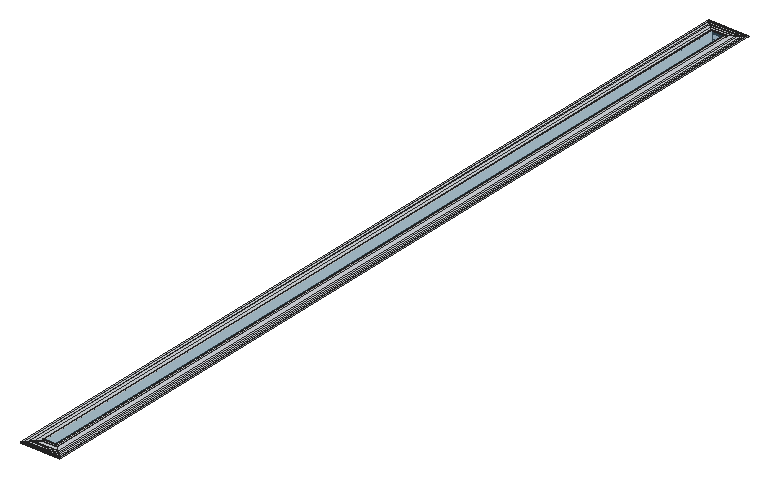
Revit family "ALS50T-Ml", category Lighting Fixtures, Revit 2017
Family settings
  Round Connector Dimension = Use Diameter
  Part Type = Normal
  OmniClass Number = 23.80.70.00
  OmniClass Title = Lighting
  Work Plane-Based = Yes
  Always vertical = Yes
  Cut with Voids When Loaded = No
  Light Source = No
  Shared = No
  Room Calculation Point = No
Parameters (values of type "ALS500T, FLAT LENS")
  Width [instance] = 48.000"
  Fixture Cap = Fixture Cap
  Fixture = Fixture
  Default Elevation = 48.000"
Reference planes (in)
  plane 1 "Light Source Axis (F/B)": y = 0
  plane 2: z = 0
  plane 3 "Light Source Axis (L/R)": x = 0
  plane 4 "Light Source Elevation": z = 1.02088
  plane 5: y = 24
  plane 6: y = -24
Forms (in)
  Extrusion 1, solid, material "Fixture"
    sketch origin (-0.45313, 0, -0.07812) x (1, 0, 0) y (0, 0, 1)
      loop
        line (0.05313, 0.67812) -> (0.05313, 0.42812) -> (0.09336, 0.42812) -> (0.09336, 0.37812) -> (0.05313, 0.37812) -> (0.05313, 0.32812) -> (0.09336, 0.32812) -> (0.09336, 0.27812) -> (0.05313, 0.27812) -> (0.05313, 0.22412) -> (0.09336, 0.22412) -> (0.09336, 0.17412) -> (0.05313, 0.17412) -> (0.05313, 0.07812) -> (0.85313, 0.07812) -> (0.85313, 0.17412) -> (0.81289, 0.17412) -> (0.81289, 0.22412) -> (0.85313, 0.22412) -> (0.85313, 0.27812) -> (0.81289, 0.27812) -> (0.81289, 0.32812) -> (0.85313, 0.32812) -> (0.85313, 0.37812) -> (0.81289, 0.37812) -> (0.81289, 0.42812) -> (0.85313, 0.42812) -> (0.85313, 0.67812) -> (0.80313, 0.67812) -> (0.80313, 0.10888) -> (0.10313, 0.10888) -> (0.10313, 0.67812) -> (0.05313, 0.67812)
    from -24 to 24
  Extrusion 2, solid, material "Glass"
    sketch origin (-0.19865, 0, 0.27577) x (1, 0, 0) y (0, 0, 1)
      loop
        line (-0.15135, 0.27423) -> (0.54865, 0.27423) -> (0.54865, 0.30642) -> (-0.15135, 0.30642) -> (-0.15135, 0.27423)
    from -24 to 24
  Extrusion 3, void, not visible
    sketch origin (0, -0.9375, 0) x (1, 0, 0) y (0, 1, 0)
      loop
        line (0.4, 11.1875) -> (1.14, 11.1875) -> (1.14, 12.0155) -> (0.4, 11.1875)
    from 0 to 12
  Extrusion 4, solid, not visible
    sketch origin (0.8, 0, 0) x (0, 1, 0) y (0, 0, 1)
      loop
        line (11.078, 0.475) -> (11.078, 0.525) -> (10.98211, 0.525) -> (10.9248, 0.53001) -> (10.83812, 0.53001) -> (10.73408, 0.53912) -> (10.61631, 0.53912) -> (10.37612, 0.55) -> (10.25, 0.55) -> (10.25, 0.475) -> (11.078, 0.475)
    from -0.4 to 0.34
  Extrusion 5, void, not visible
    sketch origin (0, -0.9375, 0) x (-1, 0, 0) y (0, -1, 0)
      loop
        line (0.4, -11.1875) -> (1.14, -12.0155) -> (1.14, -11.1875) -> (0.4, -11.1875)
    from 0 to 12
  Extrusion 6, solid, not visible
    sketch origin (-0.8, 0, 0) x (0, 1, 0) y (0, 0, -1)
      loop
        line (11.078, -0.475) -> (10.25, -0.475) -> (10.25, -0.55) -> (10.37612, -0.55) -> (10.61631, -0.53912) -> (10.73408, -0.53912) -> (10.83812, -0.53001) -> (10.9248, -0.53001) -> (10.98211, -0.525) -> (11.078, -0.525) -> (11.078, -0.475)
    from -0.4 to 0.34
  Extrusion 7, solid, material "Fixture", not visible
    sketch origin (-0.45312, 0, -0.07812) x (1, 0, 0) y (0, 0, -1)
      loop
        line (-0.68687, -0.55312) -> (-0.68687, -0.60312) -> (-0.61926, -0.60312) -> (-0.56196, -0.60814) -> (-0.47919, -0.60814) -> (-0.37515, -0.61724) -> (-0.24956, -0.61724) -> (-0.00937, -0.62812) -> (0.05313, -0.62812) -> (0.85313, -0.62812) -> (0.91563, -0.62812) -> (1.15581, -0.61724) -> (1.2814, -0.61724) -> (1.38544, -0.60814) -> (1.46821, -0.60814) -> (1.52551, -0.60312) -> (1.59313, -0.60312) -> (1.59313, -0.55312) -> (0.85313, -0.55312) -> (0.05313, -0.55312) -> (-0.68687, -0.55312)
    from 10.25 to 11.078
  Extrusion 8, void, not visible
    sketch origin (0, -0.828, 0) x (1, 0, 0) y (0, 1, 0)
      loop
        line (-0.4, 11.078) -> (0.4, 11.078) -> (1.14, 11.906) -> (-1.14, 11.906) -> (-0.4, 11.078)
    from 0 to 12
  Extrusion 9, solid, not visible
    sketch origin (0, 0, 0) x (0, 1, 0) y (0, 0, 1)
      loop
        line (11.078, 0.475) -> (11.078, 0.525) -> (10.98211, 0.525) -> (10.9248, 0.53001) -> (10.83812, 0.53001) -> (10.73408, 0.53912) -> (10.61631, 0.53912) -> (10.37612, 0.55) -> (10.25, 0.55) -> (10.25, 0.475) -> (11.078, 0.475)
    from -0.4 to 0.4
  Extrusion 10, solid, material "Fixture Cap" <- "Fixture Cap", not visible
    sketch origin (-0.45313, 0.19639, -0.42188) x (1, 0, 0) y (0, 0, 1)
      loop
        line (0.85313, 1.02187) -> (0.05313, 1.02187) -> (0.05313, 0.42187) -> (0.85313, 0.42187) -> (0.85313, 1.02187)
    from 10.44639 to 10.49439
  Extrusion 11, solid, not visible
    sketch origin (0, 0, 0) x (1, 0, 0) y (0, 0, 1)
      loop
        line (-0.28721, 0.054) -> (0.28721, 0.054)
        arc (0.28721, 0.054) -> (0.32516, 0.129) -> (0.28721, 0.204) r 0.09308
        line (0.28721, 0.204) -> (-0.28721, 0.204)
        arc (-0.28721, 0.204) -> (-0.32516, 0.129) -> (-0.28721, 0.054) r 0.09308
    from 10.25 to 10.298
  Extrusion 12, solid, not visible
    sketch origin (0, 0, 0) x (0, -1, 0) y (0, 0, -1)
      loop
        line (11.078, -0.475) -> (10.25, -0.475) -> (10.25, -0.55) -> (10.37612, -0.55) -> (10.61631, -0.53912) -> (10.73408, -0.53912) -> (10.83812, -0.53001) -> (10.9248, -0.53001) -> (10.98211, -0.525) -> (11.078, -0.525) -> (11.078, -0.475)
    from -0.4 to 0.4
  Extrusion 13, void, not visible
    sketch origin (0, 0.9375, 0) x (1, 0, 0) y (0, 1, 0)
      loop
        line (0.4, -11.1875) -> (1.14, -12.0155) -> (1.14, -11.1875) -> (0.4, -11.1875)
    from 0 to 12
  Extrusion 14, solid, not visible
    sketch origin (0.8, 0, 0) x (0, -1, 0) y (0, 0, -1)
      loop
        line (11.078, -0.475) -> (10.25, -0.475) -> (10.25, -0.55) -> (10.37612, -0.55) -> (10.61631, -0.53912) -> (10.73408, -0.53912) -> (10.83812, -0.53001) -> (10.9248, -0.53001) -> (10.98211, -0.525) -> (11.078, -0.525) -> (11.078, -0.475)
    from -0.4 to 0.34
  Extrusion 15, void, not visible
    sketch origin (0, 0.9375, 0) x (-1, 0, 0) y (0, -1, 0)
      loop
        line (0.4, 11.1875) -> (1.14, 11.1875) -> (1.14, 12.0155) -> (0.4, 11.1875)
    from 0 to 12
  Extrusion 16, solid, not visible
    sketch origin (-0.8, 0, 0) x (0, -1, 0) y (0, 0, 1)
      loop
        line (11.078, 0.475) -> (11.078, 0.525) -> (10.98211, 0.525) -> (10.9248, 0.53001) -> (10.83812, 0.53001) -> (10.73408, 0.53912) -> (10.61631, 0.53912) -> (10.37612, 0.55) -> (10.25, 0.55) -> (10.25, 0.475) -> (11.078, 0.475)
    from -0.4 to 0.34
  Extrusion 17, solid, material "Fixture", not visible
    sketch origin (-0.45312, 0.828, -0.07812) x (1, 0, 0) y (0, 0, 1)
      loop
        line (-0.68687, 0.55312) -> (0.05313, 0.55312) -> (0.85313, 0.55312) -> (1.59313, 0.55312) -> (1.59313, 0.60312) -> (1.52551, 0.60312) -> (1.46821, 0.60814) -> (1.38544, 0.60814) -> (1.2814, 0.61724) -> (1.15581, 0.61724) -> (0.91563, 0.62812) -> (0.85313, 0.62812) -> (0.05313, 0.62812) -> (-0.00937, 0.62812) -> (-0.24956, 0.61724) -> (-0.37515, 0.61724) -> (-0.47919, 0.60814) -> (-0.56196, 0.60814) -> (-0.61926, 0.60312) -> (-0.68687, 0.60312) -> (-0.68687, 0.55312)
    from 11.078 to 11.906
  Extrusion 18, void, not visible
    sketch origin (0, 0.828, 0) x (1, 0, 0) y (0, 1, 0)
      loop
        line (-0.4, -11.078) -> (-1.14, -11.906) -> (1.14, -11.906) -> (0.4, -11.078) -> (-0.4, -11.078)
    from 0 to 3.69371
  Extrusion 19, void, not visible
    sketch origin (0, -0.828, 0) x (1, 0, 0) y (0, 1, 0)
      loop
        line (-0.4, 11.078) -> (0.4, 11.078) -> (1.14, 11.906) -> (-1.14, 11.906) -> (-0.4, 11.078)
    from 0 to 12
  Extrusion 20, void, not visible
    sketch origin (0, 0, 0) x (1, 0, 0) y (0, 1, 0)
      loop
        line (-1.14, -11.078) -> (1.14, -11.078) -> (0.4, -10.31119) -> (-0.4, -10.31119) -> (-1.14, -11.078)
    from 0 to 1.02088
  Extrusion 21, solid, not visible
    sketch origin (0, 0, 0) x (0, -1, 0) y (0, 0, -1)
      loop
        line (11.078, -0.475) -> (10.25, -0.475) -> (10.25, -0.55) -> (10.37612, -0.55) -> (10.61631, -0.53912) -> (10.73408, -0.53912) -> (10.83812, -0.53001) -> (10.9248, -0.53001) -> (10.98211, -0.525) -> (11.078, -0.525) -> (11.078, -0.475)
    from -1.14 to 1.14
  Extrusion 22, solid, material "Fixture Cap" <- "Fixture Cap", not visible
    sketch origin (-0.45313, 0.19639, -0.42188) x (1, 0, 0) y (0, 0, 1)
      loop
        line (0.85313, 1.02187) -> (0.05313, 1.02187) -> (0.05313, 0.42187) -> (0.85313, 0.42187) -> (0.85313, 1.02187)
    from 13.11765 to 10.50757
  Extrusion 23, solid, not visible
    sketch origin (0, 0, 0) x (1, 0, 0) y (0, 0, 1)
      loop
        line (-0.28721, 0.054) -> (0.28721, 0.054)
        arc (0.28721, 0.054) -> (0.32516, 0.129) -> (0.28721, 0.204) r 0.09308
        line (0.28721, 0.204) -> (-0.28721, 0.204)
        arc (-0.28721, 0.204) -> (-0.32516, 0.129) -> (-0.28721, 0.054) r 0.09308
    from 10.25 to 10.298
  Extrusion 24, void, not visible
    sketch origin (0, 0, 0) x (1, 0, 0) y (0, 1, 0)
      loop
        line (-0.4, -10.31119) -> (-0.4, -10.25) -> (-1.14, -10.25) -> (-1.14, -11.078) -> (-0.4, -10.31119)
      loop
        line (0.4, -10.31119) -> (1.14, -11.078) -> (1.14, -10.25) -> (0.4, -10.25) -> (0.4, -10.31119)
    from 0 to 0.95232
  Extrusion 25, solid, not visible
    sketch origin (0, 0, 0) x (1, 0, 0) y (0, 0, -1)
      loop
        arc (-0.28721, -0.054) -> (-0.32516, -0.129) -> (-0.28721, -0.204) r 0.09308
        line (-0.28721, -0.204) -> (0.28721, -0.204)
        arc (0.28721, -0.204) -> (0.32516, -0.129) -> (0.28721, -0.054) r 0.09308
        line (0.28721, -0.054) -> (-0.28721, -0.054)
    from 10.25 to 10.31169
  Extrusion 26, solid, material "Fixture Cap" <- "Fixture Cap", not visible
    sketch origin (-0.45313, -0.19639, -0.42188) x (1, 0, 0) y (0, 0, -1)
      loop
        line (0.85313, -1.02187) -> (0.85313, -0.42187) -> (0.05313, -0.42187) -> (0.05313, -1.02187) -> (0.85313, -1.02187)
    from 10.44639 to 10.50759
  Extrusion 27, solid, not visible
    sketch origin (0, 0, 0) x (1, 0, 0) y (0, 0, -1)
      loop
        arc (-0.28721, -0.054) -> (-0.32516, -0.129) -> (-0.28721, -0.204) r 0.09308
        line (-0.28721, -0.204) -> (0.28721, -0.204)
        arc (0.28721, -0.204) -> (0.32516, -0.129) -> (0.28721, -0.054) r 0.09308
        line (0.28721, -0.054) -> (-0.28721, -0.054)
    from 10.25 to 10.298
  Extrusion 28, void, not visible
    sketch origin (0, 0, 0) x (1, 0, 0) y (0, 1, 0)
      loop
        line (-0.41251, 10.3112) -> (0.41251, 10.3112) -> (1.14, 11.07873) -> (-1.14, 11.07873) -> (-0.41251, 10.3112)
    from 0 to 1.35686
  Extrusion 29, solid, not visible
    sketch origin (0, 0, 0) x (0, 1, 0) y (0, 0, 1)
      loop
        line (11.078, 0.475) -> (11.078, 0.525) -> (10.98211, 0.525) -> (10.9248, 0.53001) -> (10.83812, 0.53001) -> (10.73408, 0.53912) -> (10.61631, 0.53912) -> (10.37612, 0.55) -> (10.25, 0.55) -> (10.25, 0.475) -> (11.078, 0.475)
    from -1.14 to 1.14
  Extrusion 30, void, not visible
    sketch origin (0, 0, 0) x (1, 0, 0) y (0, 1, 0)
      loop
        line (-0.4, 10.25) -> (-0.4, 10.298) -> (-1.14, 11.07873) -> (-1.14, 10.25) -> (-0.4, 10.25)
      loop
        line (0.4, 10.25) -> (1.14, 10.25) -> (1.14, 11.07873) -> (0.4, 10.298) -> (0.4, 10.25)
    from 0 to 12
  Extrusion 31, solid
    sketch origin (0, 0, 0) x (1, 0, 0) y (0, 0, 1)
      loop
        line (-1.14, 0.475) -> (-0.4, 0.475) -> (-0.4, 0.55) -> (-0.4625, 0.55) -> (-0.70269, 0.53912) -> (-0.82827, 0.53912) -> (-0.93231, 0.53001) -> (-1.01508, 0.53001) -> (-1.07239, 0.525) -> (-1.14, 0.525) -> (-1.14, 0.475)
      loop
        line (1.14, 0.475) -> (1.14, 0.525) -> (1.07239, 0.525) -> (1.01508, 0.53001) -> (0.93231, 0.53001) -> (0.82827, 0.53912) -> (0.70269, 0.53912) -> (0.4625, 0.55) -> (0.4, 0.55) -> (0.4, 0.475) -> (1.14, 0.475)
    from -24.77906 to 24.77906
  Extrusion 32, solid
    sketch origin (0, 0, 0) x (1, 0, 0) y (0, 0, 1)
      loop
        line (-0.4, 0.6) -> (-0.4, 0) -> (0.4, 0) -> (0.4, 0.6) -> (-0.4, 0.6)
    from 24 to 24.09986
  Extrusion 33, solid
    sketch origin (0, 0, 0) x (1, 0, 0) y (0, 0, -1)
      loop
        line (-0.4, -0.6) -> (0.4, -0.6) -> (0.4, 0) -> (-0.4, 0) -> (-0.4, -0.6)
    from 24 to 24.09986
  Extrusion 34, void
    sketch origin (0, 0, 0) x (1, 0, 0) y (0, 1, 0)
      loop
        line (-0.4, 24) -> (-0.4, 24.04993) -> (-1.14, 24.77906) -> (-1.14, 24) -> (-0.4, 24)
      loop
        line (0.4, 24) -> (1.14, 24) -> (1.14, 24.77906) -> (0.4, 24.04993) -> (0.4, 24)
      loop
        line (-0.4, -24) -> (-1.14, -24) -> (-1.14, -24.77906) -> (-0.4, -24.04993) -> (-0.4, -24)
      loop
        line (0.4, -24) -> (0.4, -24.04993) -> (1.14, -24.77906) -> (1.14, -24) -> (0.4, -24)
    from 0 to 12
  Extrusion 35, solid
    sketch origin (3.22094, 23.4, 0) x (0, 1, 0) y (0, 0, 1)
      loop
        line (1.37906, 0.475) -> (1.37906, 0.525) -> (1.31067, 0.525) -> (1.25336, 0.53001) -> (1.17059, 0.53001) -> (1.06655, 0.53912) -> (0.94097, 0.53912) -> (0.70078, 0.55) -> (0.6, 0.55) -> (0.6, 0.475) -> (1.37906, 0.475)
      loop
        line (-48.17906, 0.475) -> (-47.4, 0.475) -> (-47.4, 0.55) -> (-47.50078, 0.55) -> (-47.74097, 0.53912) -> (-47.86655, 0.53912) -> (-47.97059, 0.53001) -> (-48.05336, 0.53001) -> (-48.11067, 0.525) -> (-48.17906, 0.525) -> (-48.17906, 0.475)
    from -4.36094 to -2.08094
  Extrusion 36, void
    sketch origin (0, 0, 0) x (1, 0, 0) y (0, 1, 0)
      loop
        line (-1.14, -24.77906) -> (-0.4, -24.77906) -> (-0.4, -24.04993) -> (-1.14, -24.77906)
      loop
        line (1.14, -24.77906) -> (0.4, -24.04993) -> (0.4, -24.77906) -> (1.14, -24.77906)
      loop
        line (-1.14, 24.77906) -> (-0.4, 24.04993) -> (-0.4, 24.77906) -> (-1.14, 24.77906)
      loop
        line (1.14, 24.77906) -> (0.4, 24.77906) -> (0.4, 24.04993) -> (1.14, 24.77906)
    from 0 to 12
  Extrusion 37, solid
    sketch origin (0, 0, 0) x (1, 0, 0) y (0, 0, 1)
      loop
        arc (-0.23443, 0.18324) -> (-0.27728, 0.12803) -> (-0.23443, 0.07283) r 0.05699
        line (-0.23443, 0.07283) -> (0.23443, 0.07283)
        arc (0.23443, 0.07283) -> (0.27728, 0.12803) -> (0.23443, 0.18324) r 0.05699
        line (0.23443, 0.18324) -> (-0.23443, 0.18324)
    from 24 to 24.09986
  Extrusion 38, solid
    sketch origin (0, 0, 0) x (1, 0, 0) y (0, 0, -1)
      loop
        line (-0.23443, -0.18324) -> (0.23443, -0.18324)
        arc (0.23443, -0.18324) -> (0.27728, -0.12803) -> (0.23443, -0.07283) r 0.05699
        line (0.23443, -0.07283) -> (-0.23443, -0.07283)
        arc (-0.23443, -0.07283) -> (-0.27728, -0.12803) -> (-0.23443, -0.18324) r 0.05699
    from 24 to 24.09986
Cuts and joins
  Extrusion 34, Extrusion 36 cuts Extrusion 32
  Extrusion 34, Extrusion 36 cuts Extrusion 33
  Extrusion 34 cuts Extrusion 35
  Extrusion 36 cuts Extrusion 31
Dimensions and locks (in)
  locked: Extrusion 32 to Extrusion 32 at 0.09986
  locked: Extrusion 33 to Extrusion 33 at 0.09986
  "Width": plane 5 to plane 6
  equal spacing: plane 5, plane 1 "Light Source Axis (F/B)", plane 6
  locked: Extrusion 34 sketch curve to Extrusion 34 sketch curve at 0.77906  (x4)
  locked: plane 6 to Extrusion 34 sketch curve at 0.77906  (x2)
  locked: Extrusion 34 sketch curve to plane 5 at 0.77906
  locked: Extrusion 35 sketch curve to Extrusion 34 at 0.77906
  locked: Extrusion 34 to Extrusion 31 at 0.77906
  locked: Extrusion 36 sketch curve to Extrusion 36 sketch curve at 0.72913  (x4)
  locked: plane 6 to Extrusion 36 sketch curve at 0.04993  (x2)
  locked: Extrusion 36 sketch curve to plane 5 at 0.04993  (x2)
  cut or joined group of Extrusion 32, Extrusion 34, Extrusion 36 to cut or joined group of Extrusion 32, Extrusion 34, Extrusion 36 = 0.600"
  cut or joined group of Extrusion 32, Extrusion 34, Extrusion 36 to cut or joined group of Extrusion 32, Extrusion 34, Extrusion 36 = 0.800"
  aligned and locked: level to plane 2
  aligned and locked: Extrusion 1 to Extrusion 2  (x2)
  aligned and locked: plane 5 to Extrusion 1
  aligned and locked: Extrusion 1 to plane 6
  aligned and locked: Extrusion 32 to Extrusion 1
  aligned and locked: Extrusion 1 to Extrusion 33
  aligned and locked: Extrusion 34 sketch curve to Extrusion 33
  aligned and locked: Extrusion 31 to Extrusion 34
  aligned and locked: Extrusion 34 to Extrusion 31
  aligned and locked: plane 5 to Extrusion 35 sketch curve
  aligned and locked: Extrusion 34 to Extrusion 35  (x3)
  aligned and locked: Extrusion 34 to cut or joined group of Extrusion 32, Extrusion 34, Extrusion 36
  aligned and locked: Extrusion 34 to plane 6
  aligned and locked: Extrusion 35 to Extrusion 31  (x2)
  aligned and locked: Extrusion 31 to Extrusion 36 sketch curve
  aligned and locked: Extrusion 36 sketch curve to Extrusion 31
  aligned and locked: cut or joined group of Extrusion 32, Extrusion 34, Extrusion 36 to Extrusion 37
  aligned and locked: plane 6 to Extrusion 37
  aligned and locked: Extrusion 38 to plane 5
  aligned and locked: cut or joined group of Extrusion 33, Extrusion 34, Extrusion 36 to Extrusion 38
Automatic sketch dimensions
  Extrusion 30 sketch curve to Extrusion 30 sketch curve = 0.740"  (x2)
  Extrusion 30 sketch curve to Extrusion 30 sketch curve = 0.800"
  Extrusion 30 sketch curve to Extrusion 30 sketch curve = 0.000"
  Extrusion 30 sketch curve to Extrusion 30 sketch curve = 0.048"  (x2)
  Extrusion 30 sketch curve to Extrusion 30 sketch curve = 0.82873"  (x2)
  Extrusion 20 sketch curve to Extrusion 20 sketch curve = 0.740"  (x2)
  Extrusion 20 sketch curve to Extrusion 20 sketch curve = 0.800"
  Extrusion 20 sketch curve to Extrusion 20 sketch curve = 0.76681"
  Extrusion 21 sketch curve to Extrusion 21 sketch curve = 0.12612"
  Extrusion 21 sketch curve to Extrusion 21 sketch curve = 0.24019"
  Extrusion 21 sketch curve to Extrusion 21 sketch curve = 0.11777"
  Extrusion 21 sketch curve to Extrusion 21 sketch curve = 0.10404"
  Extrusion 21 sketch curve to Extrusion 21 sketch curve = 0.08667"
  Extrusion 21 sketch curve to Extrusion 21 sketch curve = 0.05731"
  Extrusion 21 sketch curve to Extrusion 21 sketch curve = 0.09589"
  Extrusion 21 sketch curve to Extrusion 21 sketch curve = 0.050"
  Extrusion 21 sketch curve to Extrusion 21 sketch curve = 0.00501"
  Extrusion 21 sketch curve to Extrusion 21 sketch curve = 0.0091"
  Extrusion 21 sketch curve to Extrusion 21 sketch curve = 0.075"
  Extrusion 22 sketch curve to Extrusion 22 sketch curve = 0.800"
  Extrusion 22 sketch curve to Extrusion 22 sketch curve = 0.600"
  Extrusion 23 sketch curve to Extrusion 23 sketch curve = 0.000"
  Extrusion 23 sketch curve to Extrusion 23 sketch curve = 0.05513"  (x3)
  Extrusion 23 sketch curve to Extrusion 23 sketch curve = 0.46415"
  Extrusion 23 sketch curve to Extrusion 23 sketch curve = 0.075"
  Extrusion 24 sketch curve to Extrusion 24 sketch curve = 0.740"  (x2)
  Extrusion 24 sketch curve to Extrusion 24 sketch curve = 0.800"
  Extrusion 24 sketch curve to Extrusion 24 sketch curve = 0.000"  (x2)
  Extrusion 24 sketch curve to Extrusion 24 sketch curve = 0.76681"
  Extrusion 24 sketch curve to Extrusion 24 sketch curve = 0.06119"  (x2)
  Extrusion 1 sketch curve to level = 0.000"
  Extrusion 1 sketch curve to plane 3 "Light Source Axis (L/R)" = 0.400"
  Extrusion 1 sketch curve to Extrusion 1 sketch curve = 0.000"  (x4)
  Extrusion 1 sketch curve to Extrusion 1 sketch curve = 0.04023"  (x5)
  Extrusion 1 sketch curve to Extrusion 1 sketch curve = 0.050"  (x11)
  level to Extrusion 1 sketch curve = 0.03075"
  plane 3 "Light Source Axis (L/R)" to Extrusion 1 sketch curve = 0.350"
  Extrusion 1 sketch curve to Extrusion 1 sketch curve = 0.00977"  (x2)
  Extrusion 1 sketch curve to Extrusion 1 sketch curve = 0.06525"  (x2)
  Extrusion 1 sketch curve to Extrusion 1 sketch curve = 0.054"  (x2)
  Extrusion 1 sketch curve to Extrusion 1 sketch curve = 0.250"  (x2)
  Extrusion 2 sketch curve to plane 3 "Light Source Axis (L/R)" = 0.350"
  plane 3 "Light Source Axis (L/R)" to Extrusion 2 sketch curve = 0.350"
  plane 4 "Light Source Elevation" to Extrusion 2 sketch curve = 0.47088"
  Extrusion 2 sketch curve to Extrusion 2 sketch curve = 0.0322"
  plane 4 "Light Source Elevation" to Extrusion 31 sketch curve = 0.49588"
  Extrusion 31 sketch curve to plane 3 "Light Source Axis (L/R)" = 1.140"
  Extrusion 31 sketch curve to Extrusion 31 sketch curve = 0.06761"  (x2)
  plane 4 "Light Source Elevation" to Extrusion 31 sketch curve = 0.49086"
  Extrusion 31 sketch curve to Extrusion 31 sketch curve = 0.05731"  (x2)
  Extrusion 31 sketch curve to Extrusion 31 sketch curve = 0.08277"  (x2)
  Extrusion 31 sketch curve to Extrusion 31 sketch curve = 0.10404"  (x2)
  Extrusion 31 sketch curve to Extrusion 31 sketch curve = 0.12558"  (x2)
  Extrusion 31 sketch curve to Extrusion 31 sketch curve = 0.24019"  (x2)
  Extrusion 31 sketch curve to Extrusion 31 sketch curve = 0.0625"  (x2)
  plane 3 "Light Source Axis (L/R)" to Extrusion 31 sketch curve = 0.400"
  level to Extrusion 31 sketch curve = 0.475"  (x2)
  Extrusion 31 sketch curve to Extrusion 31 sketch curve = 0.050"
  Extrusion 31 sketch curve to Extrusion 31 sketch curve = 0.00501"
  Extrusion 31 sketch curve to Extrusion 31 sketch curve = 0.0091"  (x2)
  Extrusion 31 sketch curve to Extrusion 31 sketch curve = 0.075"  (x2)
  Extrusion 32 sketch curve to level = 0.000"
  Extrusion 32 sketch curve to plane 3 "Light Source Axis (L/R)" = 0.400"
  plane 3 "Light Source Axis (L/R)" to Extrusion 32 sketch curve = 0.400"
  plane 4 "Light Source Elevation" to Extrusion 32 sketch curve = 0.42088"
  Extrusion 33 sketch curve to level = 0.000"
  Extrusion 33 sketch curve to plane 3 "Light Source Axis (L/R)" = 0.400"
  plane 3 "Light Source Axis (L/R)" to Extrusion 33 sketch curve = 0.400"
  plane 4 "Light Source Elevation" to Extrusion 33 sketch curve = 0.42088"
  Extrusion 34 sketch curve to plane 5 = 0.000"
  Extrusion 34 sketch curve to plane 3 "Light Source Axis (L/R)" = 0.400"
  Extrusion 34 sketch curve to Extrusion 34 sketch curve = 0.740"  (x4)
  plane 3 "Light Source Axis (L/R)" to Extrusion 34 sketch curve = 0.400"  (x2)
  plane 5 to Extrusion 34 sketch curve = 0.04993"  (x2)
  Extrusion 34 sketch curve to Extrusion 34 sketch curve = 0.04993"  (x2)
  Extrusion 35 sketch curve to plane 6 = 0.000"
  Extrusion 35 sketch curve to Extrusion 35 sketch curve = 0.10078"
  Extrusion 35 sketch curve to Extrusion 35 sketch curve = 0.24019"  (x2)
  Extrusion 35 sketch curve to Extrusion 35 sketch curve = 0.12558"  (x2)
  Extrusion 35 sketch curve to Extrusion 35 sketch curve = 0.10404"  (x2)
  Extrusion 35 sketch curve to Extrusion 35 sketch curve = 0.08277"  (x2)
  Extrusion 35 sketch curve to Extrusion 35 sketch curve = 0.05731"  (x2)
  Extrusion 35 sketch curve to Extrusion 35 sketch curve = 0.06839"
  plane 5 to Extrusion 35 sketch curve = 0.10078"
  level to Extrusion 35 sketch curve = 0.475"  (x2)
  Extrusion 35 sketch curve to Extrusion 35 sketch curve = 0.050"  (x2)
  Extrusion 35 sketch curve to Extrusion 35 sketch curve = 0.00501"  (x2)
  Extrusion 35 sketch curve to Extrusion 35 sketch curve = 0.0091"  (x2)
  Extrusion 35 sketch curve to Extrusion 35 sketch curve = 0.075"  (x2)
  Extrusion 36 sketch curve to plane 3 "Light Source Axis (L/R)" = 0.400"
  Extrusion 36 sketch curve to Extrusion 36 sketch curve = 0.740"  (x4)
  plane 3 "Light Source Axis (L/R)" to Extrusion 36 sketch curve = 0.400"
  Extrusion 37 sketch curve to plane 3 "Light Source Axis (L/R)" = 0.23443"
  Extrusion 37 sketch curve to Extrusion 37 sketch curve = 0.000"
  Extrusion 37 sketch curve to Extrusion 37 sketch curve = 0.01414"  (x3)
  plane 3 "Light Source Axis (L/R)" to Extrusion 37 sketch curve = 0.22029"
  level to Extrusion 37 sketch curve = 0.07283"
  Extrusion 37 sketch curve to Extrusion 37 sketch curve = 0.0552"
  Extrusion 38 sketch curve to plane 3 "Light Source Axis (L/R)" = 0.23443"
  Extrusion 38 sketch curve to Extrusion 38 sketch curve = 0.000"
  Extrusion 38 sketch curve to Extrusion 38 sketch curve = 0.01414"  (x3)
  plane 3 "Light Source Axis (L/R)" to Extrusion 38 sketch curve = 0.22029"
  level to Extrusion 38 sketch curve = 0.18324"
  Extrusion 38 sketch curve to Extrusion 38 sketch curve = 0.0552"
